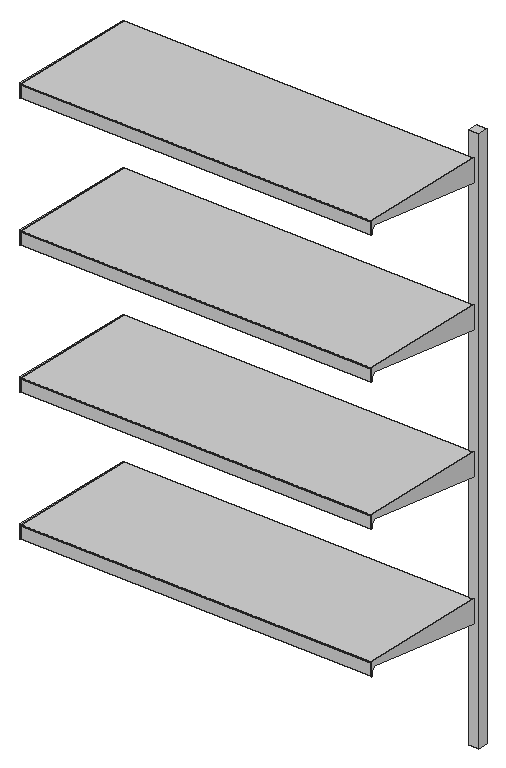
Revit family "CS2", category Specialty Equipment, Revit 2012
Parameters (values of type "Cooler Shelf Add-On (Default)")
  Width = 4' - 0"
  Model = "Cooler Shelf"
  Manufacturer = "© 2012 Madix, Inc. All rights reserved."
Reference planes (in)
  plane 1 "Center (Front/Back)": y = 0
  plane 2: z = 0
  plane 3 "Center (Left/Right)": x = 0
  plane 4: x = -24
  plane 5: x = 24
  plane 6: y = -1.25
  plane 7: z = 18
  plane 8: z = 17.875
  plane 9: z = 35.875
  plane 10: z = 63
  plane 11: z = 18
  plane 12: z = 17.875
  plane 13: z = 54
  plane 14: z = 53.875
  plane 15: z = 35.875
  plane 16: x = -23.875
  plane 17: x = 23.875
  plane 18: x = 24.6875
  plane 19: x = 23.3125
  plane 20: x = -24.6875
  plane 21: x = -23.3125
Forms (in)
  Extrusion 1, solid, material "Metal - Steel"
    sketch origin (0, 0, 0) x (1, 0, 0) y (0, 1, 0)
      loop
        line (23.3125, 0) -> (23.3125, -1.25) -> (24.6875, -1.25) -> (24.6875, 0) -> (23.3125, 0)
    from 0 to 75.25
  Extrusion 2, solid, material "Metal - Steel"
    sketch origin (0, 0, 0) x (0, 1, 0) y (0, 0, 1)
      loop
        line (-1.25, 18) -> (-18.75, 18) -> (-18.75, 16.25) -> (-18.625, 16.25) -> (-18.625, 16.75) -> (-18.125, 17.25) -> (-1.25, 15) -> (-1.25, 18)
      loop
        line (-1.25, 36) -> (-18.75, 36) -> (-18.75, 34.25) -> (-18.625, 34.25) -> (-18.625, 34.75) -> (-18.125, 35.25) -> (-1.25, 33) -> (-1.25, 36)
      loop
        line (-1.25, 54) -> (-18.75, 54) -> (-18.75, 52.25) -> (-18.625, 52.25) -> (-18.625, 52.75) -> (-18.125, 53.25) -> (-1.25, 51) -> (-1.25, 54)
      loop
        line (-1.25, 72) -> (-18.75, 72) -> (-18.75, 70.25) -> (-18.625, 70.25) -> (-18.625, 70.75) -> (-18.125, 71.25) -> (-1.25, 69) -> (-1.25, 72)
    from -23.875 to -24
  Extrusion 3, solid, material "Metal - Steel"
    sketch origin (0, 0, 0) x (1, 0, 0) y (0, 1, 0)
      loop
        line (-23.875, -1.25) -> (-23.875, -18.75) -> (23.875, -18.75) -> (23.875, -1.25) -> (-23.875, -1.25)
    from 17.875 to 18
  Extrusion 4, solid, material "Metal - Steel"
    sketch origin (0, 0, 0) x (0, 1, 0) y (0, 0, -1)
      loop
        line (-1.25, -18) -> (-1.25, -15) -> (-18.125, -17.25) -> (-18.625, -16.75) -> (-18.625, -16.25) -> (-18.75, -16.25) -> (-18.75, -18) -> (-1.25, -18)
      loop
        line (-1.25, -36) -> (-1.25, -33) -> (-18.125, -35.25) -> (-18.625, -34.75) -> (-18.625, -34.25) -> (-18.75, -34.25) -> (-18.75, -36) -> (-1.25, -36)
      loop
        line (-1.25, -54) -> (-1.25, -51) -> (-18.125, -53.25) -> (-18.625, -52.75) -> (-18.625, -52.25) -> (-18.75, -52.25) -> (-18.75, -54) -> (-1.25, -54)
      loop
        line (-1.25, -72) -> (-1.25, -69) -> (-18.125, -71.25) -> (-18.625, -70.75) -> (-18.625, -70.25) -> (-18.75, -70.25) -> (-18.75, -72) -> (-1.25, -72)
    from -24 to -23.875
  Extrusion 5, solid, material "Metal - Steel"
    sketch origin (0, 0, 0) x (0, 1, 0) y (0, 0, -1)
      loop
        line (-1.25, -18) -> (-1.25, -15) -> (-18.125, -17.25) -> (-18.625, -16.75) -> (-18.625, -16.25) -> (-18.75, -16.25) -> (-18.75, -18) -> (-1.25, -18)
      loop
        line (-1.25, -36) -> (-1.25, -33) -> (-18.125, -35.25) -> (-18.625, -34.75) -> (-18.625, -34.25) -> (-18.75, -34.25) -> (-18.75, -36) -> (-1.25, -36)
      loop
        line (-1.25, -54) -> (-1.25, -51) -> (-18.125, -53.25) -> (-18.625, -52.75) -> (-18.625, -52.25) -> (-18.75, -52.25) -> (-18.75, -54) -> (-1.25, -54)
      loop
        line (-1.25, -72) -> (-1.25, -69) -> (-18.125, -71.25) -> (-18.625, -70.75) -> (-18.625, -70.25) -> (-18.75, -70.25) -> (-18.75, -72) -> (-1.25, -72)
    from -24 to -23.875
  Extrusion 6, solid, material "Metal - Steel"
    sketch origin (0, 0, 0) x (0, 1, 0) y (0, 0, -1)
      loop
        line (-1.25, -18) -> (-1.25, -15) -> (-18.125, -17.25) -> (-18.625, -16.75) -> (-18.625, -16.25) -> (-18.75, -16.25) -> (-18.75, -18) -> (-1.25, -18)
      loop
        line (-1.25, -36) -> (-1.25, -33) -> (-18.125, -35.25) -> (-18.625, -34.75) -> (-18.625, -34.25) -> (-18.75, -34.25) -> (-18.75, -36) -> (-1.25, -36)
      loop
        line (-1.25, -54) -> (-1.25, -51) -> (-18.125, -53.25) -> (-18.625, -52.75) -> (-18.625, -52.25) -> (-18.75, -52.25) -> (-18.75, -54) -> (-1.25, -54)
      loop
        line (-1.25, -72) -> (-1.25, -69) -> (-18.125, -71.25) -> (-18.625, -70.75) -> (-18.625, -70.25) -> (-18.75, -70.25) -> (-18.75, -72) -> (-1.25, -72)
    from -24 to -23.875
  Extrusion 7, solid, material "Metal - Steel"
    sketch origin (0, 0, 0) x (0, 1, 0) y (0, 0, -1)
      loop
        line (-1.25, -18) -> (-1.25, -15) -> (-18.125, -17.25) -> (-18.625, -16.75) -> (-18.625, -16.25) -> (-18.75, -16.25) -> (-18.75, -18) -> (-1.25, -18)
      loop
        line (-1.25, -36) -> (-1.25, -33) -> (-18.125, -35.25) -> (-18.625, -34.75) -> (-18.625, -34.25) -> (-18.75, -34.25) -> (-18.75, -36) -> (-1.25, -36)
      loop
        line (-1.25, -54) -> (-1.25, -51) -> (-18.125, -53.25) -> (-18.625, -52.75) -> (-18.625, -52.25) -> (-18.75, -52.25) -> (-18.75, -54) -> (-1.25, -54)
      loop
        line (-1.25, -72) -> (-1.25, -69) -> (-18.125, -71.25) -> (-18.625, -70.75) -> (-18.625, -70.25) -> (-18.75, -70.25) -> (-18.75, -72) -> (-1.25, -72)
    from -24 to -23.875
  Extrusion 8, solid, material "Metal - Steel"
    sketch origin (0, 0, 54) x (0, -1, 0) y (1, 0, 0)
      loop
        line (1.25, -23.875) -> (18.75, -23.875) -> (18.75, 23.875) -> (1.25, 23.875) -> (1.25, -23.875)
    from 17.875 to 18
  Extrusion 9, solid, material "Metal - Steel"
    sketch origin (0, 0, 0) x (1, 0, 0) y (0, 1, 0)
      loop
        line (-23.875, -1.25) -> (-23.875, -18.75) -> (23.875, -18.75) -> (23.875, -1.25) -> (-23.875, -1.25)
    from 35.875 to 36
  Extrusion 10, solid, material "Metal - Steel"
    sketch origin (0, 0, 0) x (1, 0, 0) y (0, 1, 0)
      loop
        line (-23.875, -1.25) -> (-23.875, -18.75) -> (23.875, -18.75) -> (23.875, -1.25) -> (-23.875, -1.25)
    from 53.875 to 54
  Extrusion 11, solid, material "Metal - Steel"
    sketch origin (-23.875, 0, 0) x (0, -1, 0) y (0, 0, 1)
      loop
        line (18.75, 17.875) -> (18.625, 17.875) -> (18.625, 16.25) -> (18.75, 16.25) -> (18.75, 17.875)
      loop
        line (18.75, 35.875) -> (18.625, 35.875) -> (18.625, 34.25) -> (18.75, 34.25) -> (18.75, 35.875)
      loop
        line (18.75, 53.875) -> (18.625, 53.875) -> (18.625, 52.25) -> (18.75, 52.25) -> (18.75, 53.875)
      loop
        line (18.625, 70.25) -> (18.75, 70.25) -> (18.75, 71.875) -> (18.625, 71.875) -> (18.625, 70.25)
    from -47.75 to 0
Dimensions and locks (in)
  "Width": plane 4 to plane 5
  equal spacing: plane 4, plane 3 "Center (Left/Right)", plane 5
  locked: plane 4 to plane 16 at 0.125
  locked: plane 17 to plane 5 at 0.125
  plane 19 to plane 5 to plane 18 = 0' - 0 11/16" locked, 0' - 0 11/16" locked
  plane 20 to plane 4 to plane 21 = 0' - 0 11/16" locked, 0' - 0 11/16" locked
  aligned and locked: level to plane 2
  aligned and locked: Extrusion 8 to plane 16
  aligned and locked: Extrusion 2 to plane 4
  aligned and locked: Extrusion 2 to Extrusion 8
  aligned and locked: Extrusion 9 to Extrusion 2
  aligned and locked: Extrusion 3 to Extrusion 2
  aligned and locked: Extrusion 8 to plane 17
  aligned and locked: Extrusion 7 to plane 5
  aligned and locked: Extrusion 7 to Extrusion 8
  aligned and locked: Extrusion 6 to plane 5
  aligned and locked: Extrusion 6 to Extrusion 7
  aligned and locked: Extrusion 5 to plane 5
  aligned and locked: Extrusion 5 to Extrusion 6
  aligned and locked: Extrusion 4 to plane 5
  aligned and locked: Extrusion 4 to Extrusion 5
  aligned and locked: Extrusion 10 to Extrusion 4
  aligned and locked: Extrusion 9 to Extrusion 4
  aligned and locked: Extrusion 3 to Extrusion 4
  aligned and locked: plane 19 to Extrusion 1
  aligned and locked: plane 18 to Extrusion 1
  aligned and locked: Extrusion 11 to Extrusion 4
  aligned and locked: Extrusion 11 to Extrusion 2
Automatic sketch dimensions
  Extrusion 2 sketch curve to plane 7 = 0' - 0"
  Extrusion 2 sketch curve to plane 13 = 0' - 0"
  Extrusion 2 sketch curve to plane 6 = 0' - 0"  (x4)
  Extrusion 2 sketch curve to plane 14 = 0' - 0 5/8"
  Extrusion 2 sketch curve to plane 6 = 1' - 4 7/8"  (x4)
  Extrusion 2 sketch curve to plane 9 = 0' - 0 5/8"
  plane 10 to Extrusion 2 sketch curve = 0' - 8 1/4"
  Extrusion 2 sketch curve to plane 8 = 0' - 0 5/8"
  Extrusion 2 sketch curve to Extrusion 2 sketch curve = 0' - 0 1/2"  (x9)
  Extrusion 2 sketch curve to Extrusion 2 sketch curve = 0' - 0 5/8"  (x2)
  plane 9 to Extrusion 2 sketch curve = 0' - 0 1/8"
  Extrusion 2 sketch curve to Extrusion 2 sketch curve = 0' - 0 1/8"  (x2)
  Extrusion 2 sketch curve to plane 8 = 0' - 2 7/8"
  Extrusion 2 sketch curve to plane 9 = 0' - 2 7/8"
  Extrusion 2 sketch curve to Extrusion 2 sketch curve = 0' - 1"  (x3)
  Extrusion 2 sketch curve to plane 14 = 0' - 2 7/8"
  plane 10 to Extrusion 2 sketch curve = 0' - 6"
  Extrusion 2 sketch curve to Extrusion 2 sketch curve = 0' - 0 3/4"
  Extrusion 3 sketch curve to plane 6 = 0' - 0"
  Extrusion 3 sketch curve to plane 6 = 1' - 5 1/2"
  Extrusion 4 sketch curve to plane 7 = 0' - 0"
  Extrusion 4 sketch curve to plane 13 = 0' - 0"
  Extrusion 4 sketch curve to plane 6 = 0' - 0"  (x4)
  Extrusion 4 sketch curve to plane 14 = 0' - 0 5/8"
  Extrusion 4 sketch curve to plane 6 = 1' - 4 7/8"  (x4)
  Extrusion 4 sketch curve to plane 9 = 0' - 0 5/8"
  plane 10 to Extrusion 4 sketch curve = 0' - 8 1/4"
  Extrusion 4 sketch curve to plane 8 = 0' - 0 5/8"
  Extrusion 4 sketch curve to Extrusion 4 sketch curve = 0' - 0 1/2"  (x12)
  Extrusion 4 sketch curve to Extrusion 4 sketch curve = 0' - 0 5/8"  (x2)
  plane 9 to Extrusion 4 sketch curve = 0' - 0 1/8"
  Extrusion 4 sketch curve to Extrusion 4 sketch curve = 0' - 0 1/8"  (x2)
  plane 10 to Extrusion 4 sketch curve = 0' - 9"
  Extrusion 4 sketch curve to Extrusion 4 sketch curve = 0' - 3"
  Extrusion 4 sketch curve to plane 14 = 0' - 2 7/8"
  Extrusion 4 sketch curve to plane 9 = 0' - 2 7/8"
  Extrusion 4 sketch curve to plane 8 = 0' - 2 7/8"
  Extrusion 5 sketch curve to plane 7 = 0' - 0"
  Extrusion 5 sketch curve to plane 13 = 0' - 0"
  Extrusion 5 sketch curve to plane 6 = 0' - 0"  (x4)
  Extrusion 5 sketch curve to plane 14 = 0' - 0 5/8"
  Extrusion 5 sketch curve to plane 6 = 1' - 4 7/8"  (x4)
  Extrusion 5 sketch curve to plane 9 = 0' - 0 5/8"
  plane 10 to Extrusion 5 sketch curve = 0' - 8 1/4"
  Extrusion 5 sketch curve to plane 8 = 0' - 0 5/8"
  Extrusion 5 sketch curve to Extrusion 5 sketch curve = 0' - 0 1/2"  (x12)
  Extrusion 5 sketch curve to Extrusion 5 sketch curve = 0' - 0 5/8"  (x2)
  plane 9 to Extrusion 5 sketch curve = 0' - 0 1/8"
  Extrusion 5 sketch curve to Extrusion 5 sketch curve = 0' - 0 1/8"  (x2)
  plane 10 to Extrusion 5 sketch curve = 0' - 9"
  Extrusion 5 sketch curve to Extrusion 5 sketch curve = 0' - 3"
  Extrusion 5 sketch curve to plane 14 = 0' - 2 7/8"
  Extrusion 5 sketch curve to plane 9 = 0' - 2 7/8"
  Extrusion 5 sketch curve to plane 8 = 0' - 2 7/8"
  Extrusion 6 sketch curve to plane 7 = 0' - 0"
  Extrusion 6 sketch curve to plane 13 = 0' - 0"
  Extrusion 6 sketch curve to plane 6 = 0' - 0"  (x4)
  Extrusion 6 sketch curve to plane 14 = 0' - 0 5/8"
  Extrusion 6 sketch curve to plane 6 = 1' - 4 7/8"  (x4)
  Extrusion 6 sketch curve to plane 9 = 0' - 0 5/8"
  plane 10 to Extrusion 6 sketch curve = 0' - 8 1/4"
  Extrusion 6 sketch curve to plane 8 = 0' - 0 5/8"
  Extrusion 6 sketch curve to Extrusion 6 sketch curve = 0' - 0 1/2"  (x12)
  Extrusion 6 sketch curve to Extrusion 6 sketch curve = 0' - 0 5/8"  (x2)
  plane 9 to Extrusion 6 sketch curve = 0' - 0 1/8"
  Extrusion 6 sketch curve to Extrusion 6 sketch curve = 0' - 0 1/8"  (x2)
  plane 10 to Extrusion 6 sketch curve = 0' - 9"
  Extrusion 6 sketch curve to Extrusion 6 sketch curve = 0' - 3"
  Extrusion 6 sketch curve to plane 14 = 0' - 2 7/8"
  Extrusion 6 sketch curve to plane 9 = 0' - 2 7/8"
  Extrusion 6 sketch curve to plane 8 = 0' - 2 7/8"
  Extrusion 7 sketch curve to plane 7 = 0' - 0"
  Extrusion 7 sketch curve to plane 13 = 0' - 0"
  Extrusion 7 sketch curve to plane 6 = 0' - 0"  (x4)
  Extrusion 7 sketch curve to plane 14 = 0' - 0 5/8"
  Extrusion 7 sketch curve to plane 6 = 1' - 4 7/8"  (x4)
  Extrusion 7 sketch curve to plane 9 = 0' - 0 5/8"
  plane 10 to Extrusion 7 sketch curve = 0' - 8 1/4"
  Extrusion 7 sketch curve to plane 8 = 0' - 0 5/8"
  Extrusion 7 sketch curve to Extrusion 7 sketch curve = 0' - 0 1/2"  (x12)
  Extrusion 7 sketch curve to Extrusion 7 sketch curve = 0' - 0 5/8"  (x2)
  plane 9 to Extrusion 7 sketch curve = 0' - 0 1/8"
  Extrusion 7 sketch curve to Extrusion 7 sketch curve = 0' - 0 1/8"  (x2)
  plane 10 to Extrusion 7 sketch curve = 0' - 9"
  Extrusion 7 sketch curve to Extrusion 7 sketch curve = 0' - 3"
  Extrusion 7 sketch curve to plane 14 = 0' - 2 7/8"
  Extrusion 7 sketch curve to plane 9 = 0' - 2 7/8"
  Extrusion 7 sketch curve to plane 8 = 0' - 2 7/8"
  Extrusion 8 sketch curve to plane 6 = 0' - 0"
  Extrusion 8 sketch curve to plane 6 = 1' - 5 1/2"
  Extrusion 9 sketch curve to plane 6 = 0' - 0"
  Extrusion 9 sketch curve to plane 6 = 1' - 5 1/2"
  Extrusion 10 sketch curve to plane 6 = 0' - 0"
  Extrusion 10 sketch curve to plane 6 = 1' - 5 1/2"
  Extrusion 11 sketch curve to Extrusion 2 = 0' - 0"  (x9)
  Extrusion 2 to Extrusion 11 sketch curve = 0' - 0"  (x3)
  Extrusion 11 sketch curve to Extrusion 2 = 0' - 0 1/8"  (x4)
  Extrusion 3 sketch curve to plane 16 = 0' - 0"
  Extrusion 8 sketch curve to plane 16 = 0' - 0"
  Extrusion 9 sketch curve to plane 16 = 0' - 0"
  Extrusion 10 sketch curve to plane 16 = 0' - 0"
  Extrusion 3 sketch curve to plane 17 = 0' - 0"
  Extrusion 8 sketch curve to plane 17 = 0' - 0"
  Extrusion 9 sketch curve to plane 17 = 0' - 0"
  Extrusion 10 sketch curve to plane 17 = 0' - 0"
  Extrusion 1 sketch curve to plane 6 = 0' - 0"
  Extrusion 1 sketch curve to plane 19 = 0' - 0"
  Extrusion 1 sketch curve to plane 18 = 0' - 0"
  plane 1 "Center (Front/Back)" to Extrusion 1 sketch curve = 0' - 0"
